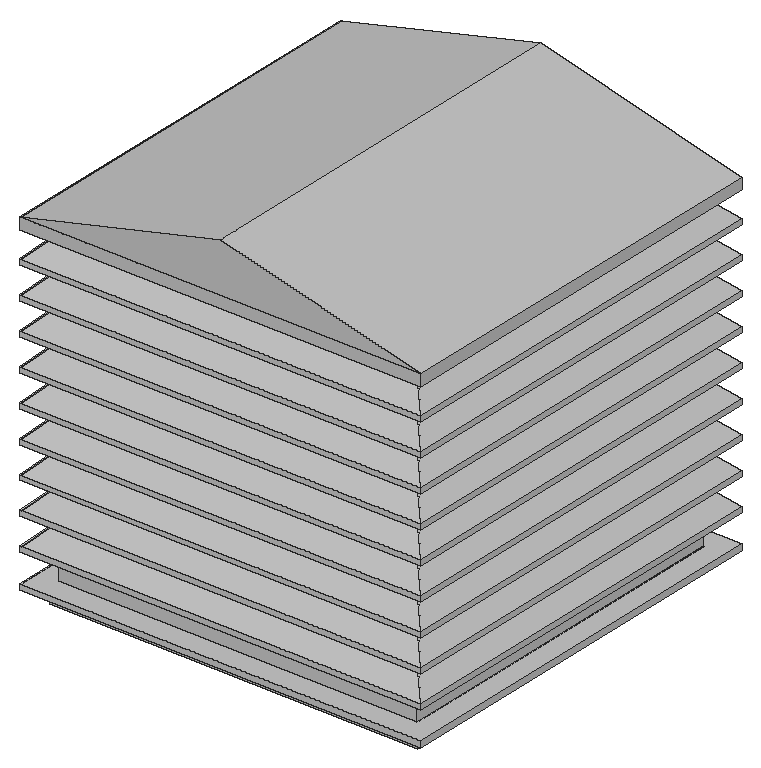
Revit family "Louver-Penthouse-Carnes-Mitered_Corner-PMAB", category Air Terminals, Revit 2012
Parameters (values of type "(See Type Catalog)")
  ecoScorecard_data = ""
  ecoScorecard Product Page = "http://ecoscorecard.com/"
  URL = "http://www.carnes.com/index.html"
  Subcategory = "Louvers and Dampers"
  Specifications  URL = "http://www.carnes.com/Louvers/pdf/17135.pdf"
  Roof Pitch = if([1 In 12 Pitched Roof], 4.76°, 14.04°)  # 14.04°
  Rectangular Length = no
  Product Page URL = "http://www.carnes.com/Louvers/PMAB-PLAB.htm"
  Product Line = "Extruded Aluminum Penthouses"
  Pressure Drop = 0.00 Pa
  Pitched Roof Visibility = or([1 In 12 Pitched Roof], [3 in 12 Pitched Roof])  # yes
  Outside Width [instance] = Louver Width + (1 1/2" * 2) + (3 1/4" * 2)  # 57 1/2"
  Outside Length [instance] = Length Control + (1 1/2" * 2) + (3 1/4" * 2)  # 57 1/2"
  Model = "PMBA"
  Manufacturer Phone = "608-845-6411"
  Manufacturer Fax = "608-845-6470"
  Manufacturer Email = "mailto:carnes@carnes.com"
  Manufacturer Address = "448 S. Main St., P. O. Box 930040, Verona, WI 53593-0040"
  Manufacturer = "Carnes Company"
  Louver Width = 48"
  Louver Length = if(Rectangular Length, Custom Length, Louver Width)  # 48"
  Louver Height = 48"
  Free Area = 0.00 SF
  Frame Material = Aluminum - Carnes - Extruded
  Flat Roof = no
  Description = "Extruded Aluminum Penthouses"
  Length Control = if(Rectangular Length, Custom Length, Louver Length)  # 48"
  Custom Length = 220"
  Cost Info = "mailto:carnes@carnes.com"
  Connector Description 1 = "Duct Connection 1"
  Catalog URL = "http://www.carnes.com/Louvers/pdf/f61-64.pdf"
  Blades Width = Louver Width + (1 1/2" * 2)  # 51"
  Blades Quantity Control = if(Louver Height - 1 1/2" - (Blades Quantity * 4 5/8") < 7/8", Blades Quantity - 1, Blades Quantity)  # 9
  Blades Quantity = (Louver Height - 1 1/2") / 4 5/8"  # 10
  Blades Length = Length Control + (1 1/2" * 2)  # 51"
  Blade Material = Aluminum - Carnes - Extruded
  Assembly Code = "D3090700"
  95 CSI = "10200"
  3 in 12 Pitched Roof = yes
  1 In 12 Pitched Roof = no
  04 CSI = "08 91 00"
Reference planes (in)
  plane 1 "Center (Front/Back)": y = 0
  plane 2: z = 0
  plane 3 "Center (Left/Right)": x = 0
  plane 4 "Right": x = 24
  plane 5: y = 24
  plane 6: z = 46.5
  plane 7 "Left": x = -24
  plane 8: y = -24
  plane 9: x = -25.5
  plane 10: x = 25.5
  plane 11: x = -28.75
  plane 12: x = 28.75
  plane 13: y = 25.5
  plane 14: y = -25.5
  plane 15: y = 28.75
  plane 16: y = -28.75
  plane 17: z = 48
Forms (in)
  Sweep 1, solid, material "Aluminum - Carnes - Extruded" <- "Frame Material"
    path origin (0, 0, 0) x (1, 0, 0) y (0, 1, 0)
      loop
        line (-24, 24) -> (-24, -24) -> (24, -24) -> (24, 24) -> (-24, 24)
    profile origin (24, 0, 0) x (1, 0, 0) y (0, 0, 1)
      loop
        line (0, 46.5) -> (0, 0) -> (2.25, 0) -> (2.25, -2) -> (2.375, -2) -> (2.375, 0.125) -> (1.75, 0.125) -> (1.75, 0.75) -> (4.625, 0.75) -> (4.625, 0) -> (4.75, 0) -> (4.75, 0.875) -> (1.625, 0.875) -> (1.625, 46.375) -> (4.75, 46.375) -> (4.75, 48) -> (4.625, 48) -> (4.625, 46.5) -> (0, 46.5)
  Sweep 2, solid, material "Aluminum - Carnes - Extruded" <- "Frame Material", visible <- "Pitched Roof Visibility"
    path origin (0, 0, 0) x (1, 0, 0) y (0, 1, 0)
      loop
        line (0, -28.75) -> (0, 28.75)
    profile origin (0, 0, 0) x (-1, 0, 0) y (0, 0, 1)
      loop
        line (28.75, 48) -> (0, 55.1895) -> (-28.75, 48) -> (28.75, 48)
  Sweep 3, solid, material "Aluminum - Carnes - Extruded" <- "Frame Material", visible <- "Flat Roof"
    path origin (0, 0, 0) x (1, 0, 0) y (0, 0, 1)
      loop
        line (0, 46.5) -> (0, 48)
    profile origin (0, 0, 47.25) x (-1, 0, 0) y (0, -1, 0)
      loop
        line (28.625, -28.625) -> (28.625, 28.625) -> (-28.625, 28.625) -> (-28.625, -28.625) -> (28.625, -28.625)
Lines and regions (in)
  Masking region 1
    outline origin (0, 0, 0) x (1, 0, 0) y (0, 1, 0)
      loop
        line (-28.75, 28.75) -> (-28.75, -28.75) -> (28.75, -28.75) -> (28.75, 28.75) -> (-28.75, 28.75)
  reference lines
    curve 1: line (-28.75, 0, 48) -> (-7.33248, 0, 53.35587)
    curve 2: line (28.75, 0, 48) -> (7.33248, 0, 53.35587)
  symbolic lines, style "DuctAccessory", visible <- "Pitched Roof Visibility"
    curve 3: line (0, 28.75, 0) -> (0, -28.75, 0)
Dimensions and locks (in)
  equal spacing: plane 7 "Left", plane 3 "Center (Left/Right)", plane 4 "Right"
  "Louver Width": plane 7 "Left" to plane 4 "Right"
  equal spacing: plane 5, plane 1 "Center (Front/Back)", plane 8
  "Length Control": plane 5 to plane 8
  locked: plane 9 to plane 7 "Left" at 1.5
  locked: plane 4 "Right" to plane 10 at 1.5
  plane 13 to plane 5 = 1 1/2"
  plane 14 to plane 8 = 1 1/2"
  locked: plane 10 to Sweep 1 sketch curve at 0.125
  locked: plane 6 to Sweep 1 sketch curve at 0.125
  locked: Sweep 1 sketch curve to plane 12 at 0.125
  locked: plane 17 to plane 6 at 1.5
  "Louver Height": plane 17 to plane 2
  plane 4 "Right" to Sweep 1 sketch curve to Sweep 1 sketch curve = 2 1/4" locked, 1/8" locked
  Sweep 1 sketch curve to Sweep 1 sketch curve to plane 2 = 1/8" locked, 3/4" locked
  locked: plane 12 to Sweep 1 sketch curve at 0.125
  equal spacing: group 1, group 2, group 3, group 4, group 5, group 6, group 7, group 8, group 9  (x2)
  equal spacing: group 9, group 8, group 7, group 6, group 5, group 4, group 3, group 2, group 1
  locked: nested 1 to nested 2 at 4.625
  locked: Sweep 3 sketch curve to plane 16 at 0.125
  locked: Sweep 3 sketch curve to plane 12 at 0.125
  locked: plane 11 to Sweep 3 sketch curve at 0.125
  locked: plane 15 to Sweep 3 sketch curve at 0.125
  equal spacing: plane 11, plane 3 "Center (Left/Right)", plane 12
  "Outside Width": plane 11 to plane 12
  equal spacing: plane 15, plane 1 "Center (Front/Back)", plane 16
  "Outside Length": plane 15 to plane 16
  "Roof Pitch": angle plane 17 to curve 1
  "Roof Pitch": angle curve 2 to plane 17
  aligned and locked: Sweep 1 sketch curve to plane 7 "Left"
  aligned and locked: Sweep 1 sketch curve to plane 4 "Right"  (x2)
  aligned and locked: Sweep 1 sketch curve to plane 5
  aligned and locked: Sweep 1 sketch curve to plane 8
  aligned and locked: plane 2 to Sweep 1 sketch curve
  aligned and locked: Sweep 1 sketch curve to plane 6
  aligned and locked: plane 12 to Sweep 1 sketch curve  (x2)
  aligned and locked: Sweep 1 sketch curve to plane 2
  aligned and locked: Sweep 1 sketch curve to plane 17
  aligned and locked: plane 1 "Center (Front/Back)" to nested 1
  aligned and locked: nested 1 to plane 3 "Center (Left/Right)"
  aligned and locked: plane 6 to nested 1
  aligned and locked: plane 15 to Sweep 2 sketch curve
  aligned and locked: plane 16 to Sweep 2 sketch curve
  aligned and locked: Sweep 2 sketch curve to plane 3 "Center (Left/Right)"
  aligned and locked: Sweep 2 sketch curve to plane 17
  aligned and locked: plane 12 to Sweep 2 sketch curve
  aligned and locked: plane 6 to Sweep 3 sketch curve
  aligned and locked: plane 17 to Sweep 3 sketch curve
  aligned and locked: plane 3 "Center (Left/Right)" to Sweep 3 sketch curve
  aligned and locked: plane 11 to curve 1
  aligned and locked: plane 17 to curve 1
  aligned and locked: plane 12 to curve 2
  aligned and locked: curve 2 to plane 17
  aligned and locked: Sweep 2 sketch curve to curve 2
  aligned and locked: Sweep 2 sketch curve to curve 1
  aligned and locked: plane 11 to Masking region 1 sketch curve
  aligned and locked: Masking region 1 sketch curve to plane 12
  aligned and locked: plane 15 to curve 3
  aligned and locked: plane 16 to curve 3
  aligned and locked: curve 3 to plane 3 "Center (Left/Right)"
Automatic sketch dimensions
  Sweep 1 sketch curve to Sweep 1 sketch curve = 1/8"
  Sweep 1 sketch curve to level = 2"
  level to Sweep 1 sketch curve = 1/8"
  Masking region 1 sketch curve to plane 16 = 0"
  plane 15 to Masking region 1 sketch curve = 0"
Nested families (in)
  nested 1: "Louver_Penthouse_Blade-Carnes" at (0, -0.375, 44.1875), type "Standard"
    with Width 51", Length 51"
  nested 2: "Louver_Penthouse_Blade-Carnes" at (0, -0.375, 39.5625), type "Standard"
    with Width 51", Length 51"
  nested 3: "Louver_Penthouse_Blade-Carnes" at (0, -0.375, 34.9375), type "Standard"
    with Width 51", Length 51"
  nested 4: "Louver_Penthouse_Blade-Carnes" at (0, -0.375, 30.3125), type "Standard"
    with Width 51", Length 51"
  nested 5: "Louver_Penthouse_Blade-Carnes" at (0, -0.375, 25.6875), type "Standard"
    with Width 51", Length 51"
  nested 6: "Louver_Penthouse_Blade-Carnes" at (0, -0.375, 21.0625), type "Standard"
    with Width 51", Length 51"
  nested 7: "Louver_Penthouse_Blade-Carnes" at (0, -0.375, 16.4375), type "Standard"
    with Width 51", Length 51"
  nested 8: "Louver_Penthouse_Blade-Carnes" at (0, -0.375, 11.8125), type "Standard"
    with Width 51", Length 51"
  nested 9: "Louver_Penthouse_Blade-Carnes" at (0, -0.375, 7.1875), type "Standard"
    with Width 51", Length 51"
Connectors (in)
  hvac at (0, 0, 0), driven by "Length Control", driven by "Louver Width"
    settings: on Sweep 1, index 1, duct flow 0 CFM, flow factor 0, pres drop 0.00 Pa, loss coef 0, conn angle 0.00°, conn width 48", conn height 48", conn radius 12", duct sys type 1, conn prof type 1, flow config 0, flow direction 0, loss method 0, conn ref index -1, conn util no, is conn primary yes, conn desc ""
Definition of nested family "Louver_Penthouse_Blade-Carnes"
  Parameters (values of type "Standard")
    Width = 23 3/4"
    Blade Material = none
    Length = 12"
    Assembly Code = ""
  Reference planes (in)
    plane 1 "Center (Front/Back)": y = 0.375
    plane 2: z = 0
    plane 3 "Center (Left/Right)": x = 0
    plane 4: y = 6.375
    plane 5: y = -5.625
    plane 6: z = 2.3125
    plane 7: z = -2.3125
    plane 8: x = -11.875
    plane 9: x = 11.875
  Forms (in)
    Sweep 1, solid, material <- "Blade Material"
      path origin (0, 0, 0) x (1, 0, 0) y (0, 1, 0)
        loop
          line (-11.875, 6.375) -> (-11.875, -5.625) -> (11.875, -5.625) -> (11.875, 6.375) -> (-11.875, 6.375)
      profile origin (0, 6.375, 0) x (0, 1, 0) y (0, 0, 1)
        loop
          line (0, 2.3125) -> (0, 1.53125) -> (3.125, -1.59375) -> (3.125, -2.3125) -> (3.25, -2.3125) -> (3.25, -1.54197) -> (0.125, 1.58303) -> (0.125, 2.3125) -> (0, 2.3125)
  Dimensions and locks (in)
    equal spacing: plane 7, plane 2, plane 6
    equal spacing: plane 8, plane 3 "Center (Left/Right)", plane 9
    "Width": plane 8 to plane 9
    equal spacing: plane 4, plane 1 "Center (Front/Back)", plane 5
    "Length": plane 4 to plane 5
    locked: plane 6 to plane 7 at 4.625
    Sweep 1 sketch curve to Sweep 1 sketch curve to plane 4 = 1/8" locked, 3 1/8" locked
    locked: Sweep 1 sketch curve to plane 4 at 0.125
    locked: Sweep 1 sketch curve to Sweep 1 sketch curve at 0.125
    aligned and locked: plane 8 to Sweep 1 sketch curve
    aligned and locked: plane 4 to Sweep 1 sketch curve
    aligned and locked: plane 9 to Sweep 1 sketch curve
    aligned and locked: plane 5 to Sweep 1 sketch curve
    aligned and locked: Sweep 1 sketch curve to plane 4
    aligned and locked: Sweep 1 sketch curve to plane 6
    aligned and locked: plane 7 to Sweep 1 sketch curve
  Automatic sketch dimensions
    Sweep 1 sketch curve to Sweep 1 sketch curve = 0.05178"
    Sweep 1 sketch curve to Sweep 1 sketch curve = 23/32"
Types in the file's own list only (361): name | Louver Width | Louver Length | Louver Height | Free Area | Length Control | Blades Width | Blades Quantity Control | Blades Quantity | Blades Length
  12 W x 12 H | 12" | 12" | 12" | 0.19 SF | 12" | 15" | 2 | 2 | 15"
  12 W x 18 H | 12" | 12" | 18" | 0.50 SF | 12" | 15" | 3 | 4 | 15"
  12 W x 24 H | 12" | 12" | 24" | 0.77 SF | 12" | 15" | 4 | 5 | 15"
  12 W x 30 H | 12" | 12" | 30" | 0.96 SF | 12" | 15" | 5 | 6 | 15"
  12 W x 36 H | 12" | 12" | 36" | 1.15 SF | 12" | 15" | 7 | 7 | 15"
  12 W x 42 H | 12" | 12" | 42" | 1.43 SF | 12" | 15" | 8 | 9 | 15"
  12 W x 48 H | 12" | 12" | 48" | 1.61 SF | 12" | 15" | 9 | 10 | 15"
  12 W x 54 H | 12" | 12" | 54" | 1.92 SF | 12" | 15" | 11 | 11 | 15"
  12 W x 60 H | 12" | 12" | 60" | 2.11 SF | 12" | 15" | 12 | 13 | 15"
  12 W x 66 H | 12" | 12" | 66" | 2.35 SF | 12" | 15" | 13 | 14 | 15"
  12 W x 72 H | 12" | 12" | 72" | 2.81 SF | 12" | 15" | 15 | 15 | 15"
  12 W x 78 H | 12" | 12" | 78" | 2.88 SF | 12" | 15" | 16 | 17 | 15"
  12 W x 84 H | 12" | 12" | 84" | 3.07 SF | 12" | 15" | 17 | 18 | 15"
  12 W x 90 H | 12" | 12" | 90" | 3.28 SF | 12" | 15" | 18 | 19 | 15"
  12 W x 96 H | 12" | 12" | 96" | 3.55 SF | 12" | 15" | 20 | 20 | 15"
  12 W x 102 H | 12" | 12" | 102" | 3.82 SF | 12" | 15" | 21 | 22 | 15"
  12 W x 108 H | 12" | 12" | 108" | 3.96 SF | 12" | 15" | 22 | 23 | 15"
  12 W x 114 H | 12" | 12" | 114" | 4.24 SF | 12" | 15" | 24 | 24 | 15"
  12 W x 120 H | 12" | 12" | 120" | 4.28 SF | 12" | 15" | 25 | 26 | 15"
  18 W x 12 H | 18" | 18" | 12" | 0.31 SF | 18" | 21" | 2 | 2 | 21"
  18 W x 18 H | 18" | 18" | 18" | 0.80 SF | 18" | 21" | 3 | 4 | 21"
  18 W x 24 H | 18" | 18" | 24" | 1.23 SF | 18" | 21" | 4 | 5 | 21"
  18 W x 30 H | 18" | 18" | 30" | 1.54 SF | 18" | 21" | 5 | 6 | 21"
  18 W x 36 H | 18" | 18" | 36" | 1.85 SF | 18" | 21" | 7 | 7 | 21"
  18 W x 42 H | 18" | 18" | 42" | 2.29 SF | 18" | 21" | 8 | 9 | 21"
  18 W x 48 H | 18" | 18" | 48" | 2.59 SF | 18" | 21" | 9 | 10 | 21"
  18 W x 54 H | 18" | 18" | 54" | 3.09 SF | 18" | 21" | 11 | 11 | 21"
  18 W x 60 H | 18" | 18" | 60" | 3.40 SF | 18" | 21" | 12 | 13 | 21"
  18 W x 66 H | 18" | 18" | 66" | 3.78 SF | 18" | 21" | 13 | 14 | 21"
  18 W x 72 H | 18" | 18" | 72" | 4.52 SF | 18" | 21" | 15 | 15 | 21"
  18 W x 78 H | 18" | 18" | 78" | 4.63 SF | 18" | 21" | 16 | 17 | 21"
  18 W x 84 H | 18" | 18" | 84" | 4.94 SF | 18" | 21" | 17 | 18 | 21"
  18 W x 90 H | 18" | 18" | 90" | 5.27 SF | 18" | 21" | 18 | 19 | 21"
  18 W x 96 H | 18" | 18" | 96" | 5.70 SF | 18" | 21" | 20 | 20 | 21"
  18 W x 102 H | 18" | 18" | 102" | 6.13 SF | 18" | 21" | 21 | 22 | 21"
  18 W x 108 H | 18" | 18" | 108" | 6.37 SF | 18" | 21" | 22 | 23 | 21"
  18 W x 114 H | 18" | 18" | 114" | 6.81 SF | 18" | 21" | 24 | 24 | 21"
  18 W x 120 H | 18" | 18" | 120" | 6.89 SF | 18" | 21" | 25 | 26 | 21"
  24 W x 12 H | 24" | 24" | 12" | 0.43 SF | 24" | 27" | 2 | 2 | 27"
  24 W x 18 H | 24" | 24" | 18" | 1.10 SF | 24" | 27" | 3 | 4 | 27"
  24 W x 24 H | 24" | 24" | 24" | 1.70 SF | 24" | 27" | 4 | 5 | 27"
  24 W x 30 H | 24" | 24" | 30" | 2.13 SF | 24" | 27" | 5 | 6 | 27"
  24 W x 36 H | 24" | 24" | 36" | 2.55 SF | 24" | 27" | 7 | 7 | 27"
  24 W x 42 H | 24" | 24" | 42" | 3.16 SF | 24" | 27" | 8 | 9 | 27"
  24 W x 48 H | 24" | 24" | 48" | 3.57 SF | 24" | 27" | 9 | 10 | 27"
  24 W x 54 H | 24" | 24" | 54" | 4.26 SF | 24" | 27" | 11 | 11 | 27"
  24 W x 60 H | 24" | 24" | 60" | 4.68 SF | 24" | 27" | 12 | 13 | 27"
  24 W x 66 H | 24" | 24" | 66" | 5.21 SF | 24" | 27" | 13 | 14 | 27"
  24 W x 72 H | 24" | 24" | 72" | 6.23 SF | 24" | 27" | 15 | 15 | 27"
  24 W x 78 H | 24" | 24" | 78" | 6.39 SF | 24" | 27" | 16 | 17 | 27"
  24 W x 84 H | 24" | 24" | 84" | 6.81 SF | 24" | 27" | 17 | 18 | 27"
  24 W x 90 H | 24" | 24" | 90" | 7.27 SF | 24" | 27" | 18 | 19 | 27"
  24 W x 96 H | 24" | 24" | 96" | 7.86 SF | 24" | 27" | 20 | 20 | 27"
  24 W x 102 H | 24" | 24" | 102" | 8.45 SF | 24" | 27" | 21 | 22 | 27"
  24 W x 108 H | 24" | 24" | 108" | 8.78 SF | 24" | 27" | 22 | 23 | 27"
  24 W x 114 H | 24" | 24" | 114" | 9.38 SF | 24" | 27" | 24 | 24 | 27"
  24 W x 120 H | 24" | 24" | 120" | 9.49 SF | 24" | 27" | 25 | 26 | 27"
  30 W x 12 H | 30" | 30" | 12" | 0.54 SF | 30" | 33" | 2 | 2 | 33"
  30 W x 18 H | 30" | 30" | 18" | 1.41 SF | 30" | 33" | 3 | 4 | 33"
  30 W x 24 H | 30" | 30" | 24" | 2.16 SF | 30" | 33" | 4 | 5 | 33"
  30 W x 30 H | 30" | 30" | 30" | 2.71 SF | 30" | 33" | 5 | 6 | 33"
  30 W x 36 H | 30" | 30" | 36" | 3.25 SF | 30" | 33" | 7 | 7 | 33"
  30 W x 42 H | 30" | 30" | 42" | 4.02 SF | 30" | 33" | 8 | 9 | 33"
  30 W x 48 H | 30" | 30" | 48" | 4.55 SF | 30" | 33" | 9 | 10 | 33"
  30 W x 54 H | 30" | 30" | 54" | 5.42 SF | 30" | 33" | 11 | 11 | 33"
  30 W x 60 H | 30" | 30" | 60" | 5.97 SF | 30" | 33" | 12 | 13 | 33"
  30 W x 66 H | 30" | 30" | 66" | 6.64 SF | 30" | 33" | 13 | 14 | 33"
  30 W x 72 H | 30" | 30" | 72" | 7.94 SF | 30" | 33" | 15 | 15 | 33"
  30 W x 78 H | 30" | 30" | 78" | 8.14 SF | 30" | 33" | 16 | 17 | 33"
  30 W x 84 H | 30" | 30" | 84" | 8.68 SF | 30" | 33" | 17 | 18 | 33"
  30 W x 90 H | 30" | 30" | 90" | 9.26 SF | 30" | 33" | 18 | 19 | 33"
  30 W x 96 H | 30" | 30" | 96" | 10.02 SF | 30" | 33" | 20 | 20 | 33"
  30 W x 102 H | 30" | 30" | 102" | 10.77 SF | 30" | 33" | 21 | 22 | 33"
  30 W x 108 H | 30" | 30" | 108" | 11.19 SF | 30" | 33" | 22 | 23 | 33"
  30 W x 114 H | 30" | 30" | 114" | 11.96 SF | 30" | 33" | 24 | 24 | 33"
  30 W x 120 H | 30" | 30" | 120" | 12.09 SF | 30" | 33" | 25 | 26 | 33"
  36 W x 12 H | 36" | 36" | 12" | 0.66 SF | 36" | 39" | 2 | 2 | 39"
  36 W x 18 H | 36" | 36" | 18" | 1.71 SF | 36" | 39" | 3 | 4 | 39"
  36 W x 24 H | 36" | 36" | 24" | 2.63 SF | 36" | 39" | 4 | 5 | 39"
  36 W x 30 H | 36" | 36" | 30" | 3.30 SF | 36" | 39" | 5 | 6 | 39"
  36 W x 36 H | 36" | 36" | 36" | 3.96 SF | 36" | 39" | 7 | 7 | 39"
  36 W x 42 H | 36" | 36" | 42" | 4.89 SF | 36" | 39" | 8 | 9 | 39"
  36 W x 48 H | 36" | 36" | 48" | 5.53 SF | 36" | 39" | 9 | 10 | 39"
  36 W x 54 H | 36" | 36" | 54" | 6.59 SF | 36" | 39" | 11 | 11 | 39"
  36 W x 60 H | 36" | 36" | 60" | 7.25 SF | 36" | 39" | 12 | 13 | 39"
  36 W x 66 H | 36" | 36" | 66" | 8.07 SF | 36" | 39" | 13 | 14 | 39"
  36 W x 72 H | 36" | 36" | 72" | 9.65 SF | 36" | 39" | 15 | 15 | 39"
  36 W x 78 H | 36" | 36" | 78" | 9.89 SF | 36" | 39" | 16 | 17 | 39"
  36 W x 84 H | 36" | 36" | 84" | 10.55 SF | 36" | 39" | 17 | 18 | 39"
  36 W x 90 H | 36" | 36" | 90" | 11.25 SF | 36" | 39" | 18 | 19 | 39"
  36 W x 96 H | 36" | 36" | 96" | 12.17 SF | 36" | 39" | 20 | 20 | 39"
  36 W x 102 H | 36" | 36" | 102" | 13.09 SF | 36" | 39" | 21 | 22 | 39"
  36 W x 108 H | 36" | 36" | 108" | 13.60 SF | 36" | 39" | 22 | 23 | 39"
  36 W x 114 H | 36" | 36" | 114" | 14.53 SF | 36" | 39" | 24 | 24 | 39"
  36 W x 120 H | 36" | 36" | 120" | 14.69 SF | 36" | 39" | 25 | 26 | 39"
  42 W x 12 H | 42" | 42" | 12" | 0.78 SF | 42" | 45" | 2 | 2 | 45"
  42 W x 18 H | 42" | 42" | 18" | 2.01 SF | 42" | 45" | 3 | 4 | 45"
  42 W x 24 H | 42" | 42" | 24" | 3.09 SF | 42" | 45" | 4 | 5 | 45"
  42 W x 30 H | 42" | 42" | 30" | 3.88 SF | 42" | 45" | 5 | 6 | 45"
  42 W x 36 H | 42" | 42" | 36" | 4.66 SF | 42" | 45" | 7 | 7 | 45"
  42 W x 42 H | 42" | 42" | 42" | 5.76 SF | 42" | 45" | 8 | 9 | 45"
  42 W x 48 H | 42" | 42" | 48" | 6.51 SF | 42" | 45" | 9 | 10 | 45"
  42 W x 54 H | 42" | 42" | 54" | 7.76 SF | 42" | 45" | 11 | 11 | 45"
  42 W x 60 H | 42" | 42" | 60" | 8.54 SF | 42" | 45" | 12 | 13 | 45"
  42 W x 66 H | 42" | 42" | 66" | 9.50 SF | 42" | 45" | 13 | 14 | 45"
  42 W x 72 H | 42" | 42" | 72" | 11.36 SF | 42" | 45" | 15 | 15 | 45"
  42 W x 78 H | 42" | 42" | 78" | 11.64 SF | 42" | 45" | 16 | 17 | 45"
  42 W x 84 H | 42" | 42" | 84" | 12.42 SF | 42" | 45" | 17 | 18 | 45"
  42 W x 90 H | 42" | 42" | 90" | 13.25 SF | 42" | 45" | 18 | 19 | 45"
  42 W x 96 H | 42" | 42" | 96" | 14.33 SF | 42" | 45" | 20 | 20 | 45"
  42 W x 102 H | 42" | 42" | 102" | 15.41 SF | 42" | 45" | 21 | 22 | 45"
  42 W x 108 H | 42" | 42" | 108" | 16.01 SF | 42" | 45" | 22 | 23 | 45"
  42 W x 114 H | 42" | 42" | 114" | 17.10 SF | 42" | 45" | 24 | 24 | 45"
  42 W x 120 H | 42" | 42" | 120" | 17.30 SF | 42" | 45" | 25 | 26 | 45"
  48 W x 12 H | 48" | 48" | 12" | 0.89 SF | 48" | 51" | 2 | 2 | 51"
  48 W x 18 H | 48" | 48" | 18" | 2.31 SF | 48" | 51" | 3 | 4 | 51"
  48 W x 24 H | 48" | 48" | 24" | 3.56 SF | 48" | 51" | 4 | 5 | 51"
  48 W x 30 H | 48" | 48" | 30" | 4.46 SF | 48" | 51" | 5 | 6 | 51"
  48 W x 36 H | 48" | 48" | 36" | 5.36 SF | 48" | 51" | 7 | 7 | 51"
  48 W x 42 H | 48" | 48" | 42" | 6.62 SF | 48" | 51" | 8 | 9 | 51"
  48 W x 48 H | 48" | 48" | 48" | 7.49 SF | 48" | 51" | 9 | 10 | 51"
  48 W x 54 H | 48" | 48" | 54" | 8.93 SF | 48" | 51" | 11 | 11 | 51"
  48 W x 60 H | 48" | 48" | 60" | 9.82 SF | 48" | 51" | 12 | 13 | 51"
  48 W x 66 H | 48" | 48" | 66" | 10.93 SF | 48" | 51" | 13 | 14 | 51"
  48 W x 72 H | 48" | 48" | 72" | 13.07 SF | 48" | 51" | 15 | 15 | 51"
  48 W x 78 H | 48" | 48" | 78" | 13.39 SF | 48" | 51" | 16 | 17 | 51"
  48 W x 84 H | 48" | 48" | 84" | 14.28 SF | 48" | 51" | 17 | 18 | 51"
  48 W x 90 H | 48" | 48" | 90" | 15.24 SF | 48" | 51" | 18 | 19 | 51"
  48 W x 96 H | 48" | 48" | 96" | 16.48 SF | 48" | 51" | 20 | 20 | 51"
  48 W x 102 H | 48" | 48" | 102" | 17.73 SF | 48" | 51" | 21 | 22 | 51"
  48 W x 108 H | 48" | 48" | 108" | 18.42 SF | 48" | 51" | 22 | 23 | 51"
  48 W x 114 H | 48" | 48" | 114" | 19.68 SF | 48" | 51" | 24 | 24 | 51"
  48 W x 120 H | 48" | 48" | 120" | 19.90 SF | 48" | 51" | 25 | 26 | 51"
  54 W x 12 H | 54" | 54" | 12" | 1.01 SF | 54" | 57" | 2 | 2 | 57"
  54 W x 18 H | 54" | 54" | 18" | 2.62 SF | 54" | 57" | 3 | 4 | 57"
  54 W x 24 H | 54" | 54" | 24" | 4.02 SF | 54" | 57" | 4 | 5 | 57"
  54 W x 30 H | 54" | 54" | 30" | 5.05 SF | 54" | 57" | 5 | 6 | 57"
  54 W x 36 H | 54" | 54" | 36" | 6.06 SF | 54" | 57" | 7 | 7 | 57"
  54 W x 42 H | 54" | 54" | 42" | 7.49 SF | 54" | 57" | 8 | 9 | 57"
  54 W x 48 H | 54" | 54" | 48" | 8.47 SF | 54" | 57" | 9 | 10 | 57"
  54 W x 54 H | 54" | 54" | 54" | 10.10 SF | 54" | 57" | 11 | 11 | 57"
  54 W x 60 H | 54" | 54" | 60" | 11.11 SF | 54" | 57" | 12 | 13 | 57"
  54 W x 66 H | 54" | 54" | 66" | 12.36 SF | 54" | 57" | 13 | 14 | 57"
  54 W x 72 H | 54" | 54" | 72" | 14.78 SF | 54" | 57" | 15 | 15 | 57"
  54 W x 78 H | 54" | 54" | 78" | 15.14 SF | 54" | 57" | 16 | 17 | 57"
  54 W x 84 H | 54" | 54" | 84" | 16.15 SF | 54" | 57" | 17 | 18 | 57"
  54 W x 90 H | 54" | 54" | 90" | 17.23 SF | 54" | 57" | 18 | 19 | 57"
  54 W x 96 H | 54" | 54" | 96" | 18.64 SF | 54" | 57" | 20 | 20 | 57"
  54 W x 102 H | 54" | 54" | 102" | 20.05 SF | 54" | 57" | 21 | 22 | 57"
  54 W x 108 H | 54" | 54" | 108" | 20.82 SF | 54" | 57" | 22 | 23 | 57"
  54 W x 114 H | 54" | 54" | 114" | 22.25 SF | 54" | 57" | 24 | 24 | 57"
  54 W x 120 H | 54" | 54" | 120" | 22.50 SF | 54" | 57" | 25 | 26 | 57"
  60 W x 12 H | 60" | 60" | 12" | 1.13 SF | 60" | 63" | 2 | 2 | 63"
  60 W x 18 H | 60" | 60" | 18" | 2.92 SF | 60" | 63" | 3 | 4 | 63"
  60 W x 24 H | 60" | 60" | 24" | 4.49 SF | 60" | 63" | 4 | 5 | 63"
  60 W x 30 H | 60" | 60" | 30" | 5.63 SF | 60" | 63" | 5 | 6 | 63"
  60 W x 36 H | 60" | 60" | 36" | 6.76 SF | 60" | 63" | 7 | 7 | 63"
  60 W x 42 H | 60" | 60" | 42" | 8.36 SF | 60" | 63" | 8 | 9 | 63"
  60 W x 48 H | 60" | 60" | 48" | 9.45 SF | 60" | 63" | 9 | 10 | 63"
  60 W x 54 H | 60" | 60" | 54" | 11.26 SF | 60" | 63" | 11 | 11 | 63"
  60 W x 60 H | 60" | 60" | 60" | 12.39 SF | 60" | 63" | 12 | 13 | 63"
  60 W x 66 H | 60" | 60" | 66" | 13.79 SF | 60" | 63" | 13 | 14 | 63"
  60 W x 72 H | 60" | 60" | 72" | 16.49 SF | 60" | 63" | 15 | 15 | 63"
  60 W x 78 H | 60" | 60" | 78" | 16.90 SF | 60" | 63" | 16 | 17 | 63"
  60 W x 84 H | 60" | 60" | 84" | 18.02 SF | 60" | 63" | 17 | 18 | 63"
  60 W x 90 H | 60" | 60" | 90" | 19.23 SF | 60" | 63" | 18 | 19 | 63"
  60 W x 96 H | 60" | 60" | 96" | 20.80 SF | 60" | 63" | 20 | 20 | 63"
  60 W x 102 H | 60" | 60" | 102" | 22.36 SF | 60" | 63" | 21 | 22 | 63"
  60 W x 108 H | 60" | 60" | 108" | 23.23 SF | 60" | 63" | 22 | 23 | 63"
  60 W x 114 H | 60" | 60" | 114" | 24.82 SF | 60" | 63" | 24 | 24 | 63"
  60 W x 120 H | 60" | 60" | 120" | 25.10 SF | 60" | 63" | 25 | 26 | 63"
  66 W x 12 H | 66" | 66" | 12" | 1.24 SF | 66" | 69" | 2 | 2 | 69"
  66 W x 18 H | 66" | 66" | 18" | 3.22 SF | 66" | 69" | 3 | 4 | 69"
  66 W x 24 H | 66" | 66" | 24" | 4.96 SF | 66" | 69" | 4 | 5 | 69"
  66 W x 30 H | 66" | 66" | 30" | 6.22 SF | 66" | 69" | 5 | 6 | 69"
  66 W x 36 H | 66" | 66" | 36" | 7.46 SF | 66" | 69" | 7 | 7 | 69"
  66 W x 42 H | 66" | 66" | 42" | 9.22 SF | 66" | 69" | 8 | 9 | 69"
  66 W x 48 H | 66" | 66" | 48" | 10.43 SF | 66" | 69" | 9 | 10 | 69"
  66 W x 54 H | 66" | 66" | 54" | 12.43 SF | 66" | 69" | 11 | 11 | 69"
  66 W x 60 H | 66" | 66" | 60" | 13.67 SF | 66" | 69" | 12 | 13 | 69"
  66 W x 66 H | 66" | 66" | 66" | 15.22 SF | 66" | 69" | 13 | 14 | 69"
  66 W x 72 H | 66" | 66" | 72" | 18.20 SF | 66" | 69" | 15 | 15 | 69"
  66 W x 78 H | 66" | 66" | 78" | 18.65 SF | 66" | 69" | 16 | 17 | 69"
  66 W x 84 H | 66" | 66" | 84" | 19.89 SF | 66" | 69" | 17 | 18 | 69"
  66 W x 90 H | 66" | 66" | 90" | 21.22 SF | 66" | 69" | 18 | 19 | 69"
  66 W x 96 H | 66" | 66" | 96" | 22.95 SF | 66" | 69" | 20 | 20 | 69"
  66 W x 102 H | 66" | 66" | 102" | 24.68 SF | 66" | 69" | 21 | 22 | 69"
  66 W x 108 H | 66" | 66" | 108" | 25.64 SF | 66" | 69" | 22 | 23 | 69"
  66 W x 114 H | 66" | 66" | 114" | 27.40 SF | 66" | 69" | 24 | 24 | 69"
  66 W x 120 H | 66" | 66" | 120" | 27.71 SF | 66" | 69" | 25 | 26 | 69"
  72 W x 12 H | 72" | 72" | 12" | 1.36 SF | 72" | 75" | 2 | 2 | 75"
  72 W x 18 H | 72" | 72" | 18" | 3.53 SF | 72" | 75" | 3 | 4 | 75"
  72 W x 24 H | 72" | 72" | 24" | 5.42 SF | 72" | 75" | 4 | 5 | 75"
  72 W x 30 H | 72" | 72" | 30" | 6.80 SF | 72" | 75" | 5 | 6 | 75"
  72 W x 36 H | 72" | 72" | 36" | 8.16 SF | 72" | 75" | 7 | 7 | 75"
  72 W x 42 H | 72" | 72" | 42" | 10.09 SF | 72" | 75" | 8 | 9 | 75"
  72 W x 48 H | 72" | 72" | 48" | 11.41 SF | 72" | 75" | 9 | 10 | 75"
  72 W x 54 H | 72" | 72" | 54" | 13.60 SF | 72" | 75" | 11 | 11 | 75"
  72 W x 60 H | 72" | 72" | 60" | 14.96 SF | 72" | 75" | 12 | 13 | 75"
  72 W x 66 H | 72" | 72" | 66" | 16.65 SF | 72" | 75" | 13 | 14 | 75"
  72 W x 72 H | 72" | 72" | 72" | 19.90 SF | 72" | 75" | 15 | 15 | 75"
  72 W x 78 H | 72" | 72" | 78" | 20.40 SF | 72" | 75" | 16 | 17 | 75"
  72 W x 84 H | 72" | 72" | 84" | 21.76 SF | 72" | 75" | 17 | 18 | 75"
  72 W x 90 H | 72" | 72" | 90" | 23.21 SF | 72" | 75" | 18 | 19 | 75"
  72 W x 96 H | 72" | 72" | 96" | 25.11 SF | 72" | 75" | 20 | 20 | 75"
  72 W x 102 H | 72" | 72" | 102" | 27.00 SF | 72" | 75" | 21 | 22 | 75"
  72 W x 108 H | 72" | 72" | 108" | 28.05 SF | 72" | 75" | 22 | 23 | 75"
  72 W x 114 H | 72" | 72" | 114" | 29.97 SF | 72" | 75" | 24 | 24 | 75"
  72 W x 120 H | 72" | 72" | 120" | 30.31 SF | 72" | 75" | 25 | 26 | 75"
  78 W x 12 H | 78" | 78" | 12" | 1.48 SF | 78" | 81" | 2 | 2 | 81"
  78 W x 18 H | 78" | 78" | 18" | 3.83 SF | 78" | 81" | 3 | 4 | 81"
  78 W x 24 H | 78" | 78" | 24" | 5.89 SF | 78" | 81" | 4 | 5 | 81"
  78 W x 30 H | 78" | 78" | 30" | 7.38 SF | 78" | 81" | 5 | 6 | 81"
  78 W x 36 H | 78" | 78" | 36" | 8.86 SF | 78" | 81" | 7 | 7 | 81"
  78 W x 42 H | 78" | 78" | 42" | 10.95 SF | 78" | 81" | 8 | 9 | 81"
  78 W x 48 H | 78" | 78" | 48" | 12.39 SF | 78" | 81" | 9 | 10 | 81"
  78 W x 54 H | 78" | 78" | 54" | 14.77 SF | 78" | 81" | 11 | 11 | 81"
  78 W x 60 H | 78" | 78" | 60" | 16.24 SF | 78" | 81" | 12 | 13 | 81"
  78 W x 66 H | 78" | 78" | 66" | 18.08 SF | 78" | 81" | 13 | 14 | 81"
  78 W x 72 H | 78" | 78" | 72" | 21.61 SF | 78" | 81" | 15 | 15 | 81"
  78 W x 78 H | 78" | 78" | 78" | 22.15 SF | 78" | 81" | 16 | 17 | 81"
  78 W x 84 H | 78" | 78" | 84" | 23.63 SF | 78" | 81" | 17 | 18 | 81"
  78 W x 90 H | 78" | 78" | 90" | 25.21 SF | 78" | 81" | 18 | 19 | 81"
  78 W x 96 H | 78" | 78" | 96" | 27.26 SF | 78" | 81" | 20 | 20 | 81"
  78 W x 102 H | 78" | 78" | 102" | 29.32 SF | 78" | 81" | 21 | 22 | 81"
  78 W x 108 H | 78" | 78" | 108" | 30.46 SF | 78" | 81" | 22 | 23 | 81"
  78 W x 114 H | 78" | 78" | 114" | 32.54 SF | 78" | 81" | 24 | 24 | 81"
  78 W x 120 H | 78" | 78" | 120" | 32.91 SF | 78" | 81" | 25 | 26 | 81"
  84 W x 12 H | 84" | 84" | 12" | 1.59 SF | 84" | 87" | 2 | 2 | 87"
  84 W x 18 H | 84" | 84" | 18" | 4.13 SF | 84" | 87" | 3 | 4 | 87"
  84 W x 24 H | 84" | 84" | 24" | 6.35 SF | 84" | 87" | 4 | 5 | 87"
  84 W x 30 H | 84" | 84" | 30" | 7.97 SF | 84" | 87" | 5 | 6 | 87"
  84 W x 36 H | 84" | 84" | 36" | 9.56 SF | 84" | 87" | 7 | 7 | 87"
  84 W x 42 H | 84" | 84" | 42" | 11.82 SF | 84" | 87" | 8 | 9 | 87"
  84 W x 48 H | 84" | 84" | 48" | 13.37 SF | 84" | 87" | 9 | 10 | 87"
  84 W x 54 H | 84" | 84" | 54" | 15.93 SF | 84" | 87" | 11 | 11 | 87"
  84 W x 60 H | 84" | 84" | 60" | 17.53 SF | 84" | 87" | 12 | 13 | 87"
  84 W x 66 H | 84" | 84" | 66" | 19.51 SF | 84" | 87" | 13 | 14 | 87"
  84 W x 72 H | 84" | 84" | 72" | 23.32 SF | 84" | 87" | 15 | 15 | 87"
  84 W x 78 H | 84" | 84" | 78" | 23.90 SF | 84" | 87" | 16 | 17 | 87"
  84 W x 84 H | 84" | 84" | 84" | 25.49 SF | 84" | 87" | 17 | 18 | 87"
  84 W x 90 H | 84" | 84" | 90" | 27.20 SF | 84" | 87" | 18 | 19 | 87"
  84 W x 96 H | 84" | 84" | 96" | 29.42 SF | 84" | 87" | 20 | 20 | 87"
  84 W x 102 H | 84" | 84" | 102" | 31.64 SF | 84" | 87" | 21 | 22 | 87"
  84 W x 108 H | 84" | 84" | 108" | 32.87 SF | 84" | 87" | 22 | 23 | 87"
  84 W x 114 H | 84" | 84" | 114" | 35.12 SF | 84" | 87" | 24 | 24 | 87"
  84 W x 120 H | 84" | 84" | 120" | 35.51 SF | 84" | 87" | 25 | 26 | 87"
  90 W x 12 H | 90" | 90" | 12" | 1.71 SF | 90" | 93" | 2 | 2 | 93"
  90 W x 18 H | 90" | 90" | 18" | 4.43 SF | 90" | 93" | 3 | 4 | 93"
  90 W x 24 H | 90" | 90" | 24" | 6.82 SF | 90" | 93" | 4 | 5 | 93"
  90 W x 30 H | 90" | 90" | 30" | 8.55 SF | 90" | 93" | 5 | 6 | 93"
  90 W x 36 H | 90" | 90" | 36" | 10.26 SF | 90" | 93" | 7 | 7 | 93"
  90 W x 42 H | 90" | 90" | 42" | 12.69 SF | 90" | 93" | 8 | 9 | 93"
  90 W x 48 H | 90" | 90" | 48" | 14.35 SF | 90" | 93" | 9 | 10 | 93"
  90 W x 54 H | 90" | 90" | 54" | 17.10 SF | 90" | 93" | 11 | 11 | 93"
  90 W x 60 H | 90" | 90" | 60" | 18.81 SF | 90" | 93" | 12 | 13 | 93"
  90 W x 66 H | 90" | 90" | 66" | 20.94 SF | 90" | 93" | 13 | 14 | 93"
  90 W x 72 H | 90" | 90" | 72" | 25.03 SF | 90" | 93" | 15 | 15 | 93"
  90 W x 78 H | 90" | 90" | 78" | 25.65 SF | 90" | 93" | 16 | 17 | 93"
  90 W x 84 H | 90" | 90" | 84" | 27.36 SF | 90" | 93" | 17 | 18 | 93"
  90 W x 90 H | 90" | 90" | 90" | 29.19 SF | 90" | 93" | 18 | 19 | 93"
  90 W x 96 H | 90" | 90" | 96" | 31.57 SF | 90" | 93" | 20 | 20 | 93"
  90 W x 102 H | 90" | 90" | 102" | 33.96 SF | 90" | 93" | 21 | 22 | 93"
  90 W x 108 H | 90" | 90" | 108" | 35.28 SF | 90" | 93" | 22 | 23 | 93"
  90 W x 114 H | 90" | 90" | 114" | 37.69 SF | 90" | 93" | 24 | 24 | 93"
  90 W x 120 H | 90" | 90" | 120" | 38.12 SF | 90" | 93" | 25 | 26 | 93"
  96 W x 12 H | 96" | 96" | 12" | 1.83 SF | 96" | 99" | 2 | 2 | 99"
  96 W x 18 H | 96" | 96" | 18" | 4.74 SF | 96" | 99" | 3 | 4 | 99"
  96 W x 24 H | 96" | 96" | 24" | 7.28 SF | 96" | 99" | 4 | 5 | 99"
  96 W x 30 H | 96" | 96" | 30" | 9.13 SF | 96" | 99" | 5 | 6 | 99"
  96 W x 36 H | 96" | 96" | 36" | 10.96 SF | 96" | 99" | 7 | 7 | 99"
  96 W x 42 H | 96" | 96" | 42" | 13.55 SF | 96" | 99" | 8 | 9 | 99"
  96 W x 48 H | 96" | 96" | 48" | 15.33 SF | 96" | 99" | 9 | 10 | 99"
  96 W x 54 H | 96" | 96" | 54" | 18.27 SF | 96" | 99" | 11 | 11 | 99"
  96 W x 60 H | 96" | 96" | 60" | 20.10 SF | 96" | 99" | 12 | 13 | 99"
  96 W x 66 H | 96" | 96" | 66" | 22.37 SF | 96" | 99" | 13 | 14 | 99"
  96 W x 72 H | 96" | 96" | 72" | 26.74 SF | 96" | 99" | 15 | 15 | 99"
  96 W x 78 H | 96" | 96" | 78" | 27.40 SF | 96" | 99" | 16 | 17 | 99"
  96 W x 84 H | 96" | 96" | 84" | 29.23 SF | 96" | 99" | 17 | 18 | 99"
  96 W x 90 H | 96" | 96" | 90" | 31.18 SF | 96" | 99" | 18 | 19 | 99"
  96 W x 96 H | 96" | 96" | 96" | 33.73 SF | 96" | 99" | 20 | 20 | 99"
  96 W x 102 H | 96" | 96" | 102" | 36.28 SF | 96" | 99" | 21 | 22 | 99"
  96 W x 108 H | 96" | 96" | 108" | 37.68 SF | 96" | 99" | 22 | 23 | 99"
  96 W x 114 H | 96" | 96" | 114" | 40.26 SF | 96" | 99" | 24 | 24 | 99"
  96 W x 120 H | 96" | 96" | 120" | 40.72 SF | 96" | 99" | 25 | 26 | 99"
  102 W x 12 H | 102" | 102" | 12" | 1.94 SF | 102" | 105" | 2 | 2 | 105"
  102 W x 18 H | 102" | 102" | 18" | 5.04 SF | 102" | 105" | 3 | 4 | 105"
  102 W x 24 H | 102" | 102" | 24" | 7.75 SF | 102" | 105" | 4 | 5 | 105"
  102 W x 30 H | 102" | 102" | 30" | 9.72 SF | 102" | 105" | 5 | 6 | 105"
  102 W x 36 H | 102" | 102" | 36" | 11.66 SF | 102" | 105" | 7 | 7 | 105"
  102 W x 42 H | 102" | 102" | 42" | 14.42 SF | 102" | 105" | 8 | 9 | 105"
  102 W x 48 H | 102" | 102" | 48" | 16.31 SF | 102" | 105" | 9 | 10 | 105"
  102 W x 54 H | 102" | 102" | 54" | 19.44 SF | 102" | 105" | 11 | 11 | 105"
  102 W x 60 H | 102" | 102" | 60" | 21.38 SF | 102" | 105" | 12 | 13 | 105"
  102 W x 66 H | 102" | 102" | 66" | 23.80 SF | 102" | 105" | 13 | 14 | 105"
  102 W x 72 H | 102" | 102" | 72" | 28.45 SF | 102" | 105" | 15 | 15 | 105"
  102 W x 78 H | 102" | 102" | 78" | 29.16 SF | 102" | 105" | 16 | 17 | 105"
  102 W x 84 H | 102" | 102" | 84" | 31.10 SF | 102" | 105" | 17 | 18 | 105"
  102 W x 90 H | 102" | 102" | 90" | 33.18 SF | 102" | 105" | 18 | 19 | 105"
  102 W x 96 H | 102" | 102" | 96" | 35.89 SF | 102" | 105" | 20 | 20 | 105"
  102 W x 102 H | 102" | 102" | 102" | 38.59 SF | 102" | 105" | 21 | 22 | 105"
  102 W x 108 H | 102" | 102" | 108" | 40.09 SF | 102" | 105" | 22 | 23 | 105"
  102 W x 114 H | 102" | 102" | 114" | 42.84 SF | 102" | 105" | 24 | 24 | 105"
  102 W x 120 H | 102" | 102" | 120" | 43.32 SF | 102" | 105" | 25 | 26 | 105"
  108 W x 12 H | 108" | 108" | 12" | 2.06 SF | 108" | 111" | 2 | 2 | 111"
  108 W x 18 H | 108" | 108" | 18" | 5.34 SF | 108" | 111" | 3 | 4 | 111"
  108 W x 24 H | 108" | 108" | 24" | 8.21 SF | 108" | 111" | 4 | 5 | 111"
  108 W x 30 H | 108" | 108" | 30" | 10.30 SF | 108" | 111" | 5 | 6 | 111"
  108 W x 36 H | 108" | 108" | 36" | 12.36 SF | 108" | 111" | 7 | 7 | 111"
  108 W x 42 H | 108" | 108" | 42" | 15.29 SF | 108" | 111" | 8 | 9 | 111"
  108 W x 48 H | 108" | 108" | 48" | 17.29 SF | 108" | 111" | 9 | 10 | 111"
  108 W x 54 H | 108" | 108" | 54" | 20.61 SF | 108" | 111" | 11 | 11 | 111"
  108 W x 60 H | 108" | 108" | 60" | 22.67 SF | 108" | 111" | 12 | 13 | 111"
  108 W x 66 H | 108" | 108" | 66" | 25.23 SF | 108" | 111" | 13 | 14 | 111"
  108 W x 72 H | 108" | 108" | 72" | 30.16 SF | 108" | 111" | 15 | 15 | 111"
  108 W x 78 H | 108" | 108" | 78" | 30.91 SF | 108" | 111" | 16 | 17 | 111"
  108 W x 84 H | 108" | 108" | 84" | 32.97 SF | 108" | 111" | 17 | 18 | 111"
  108 W x 90 H | 108" | 108" | 90" | 35.17 SF | 108" | 111" | 18 | 19 | 111"
  108 W x 96 H | 108" | 108" | 96" | 38.04 SF | 108" | 111" | 20 | 20 | 111"
  108 W x 102 H | 108" | 108" | 102" | 40.91 SF | 108" | 111" | 21 | 22 | 111"
  108 W x 108 H | 108" | 108" | 108" | 42.50 SF | 108" | 111" | 22 | 23 | 111"
  108 W x 114 H | 108" | 108" | 114" | 45.41 SF | 108" | 111" | 24 | 24 | 111"
  108 W x 120 H | 108" | 108" | 120" | 45.92 SF | 108" | 111" | 25 | 26 | 111"
  114 W x 12 H | 114" | 114" | 12" | 2.18 SF | 114" | 117" | 2 | 2 | 117"
  114 W x 18 H | 114" | 114" | 18" | 5.65 SF | 114" | 117" | 3 | 4 | 117"
  114 W x 24 H | 114" | 114" | 24" | 8.68 SF | 114" | 117" | 4 | 5 | 117"
  114 W x 30 H | 114" | 114" | 30" | 10.89 SF | 114" | 117" | 5 | 6 | 117"
  114 W x 36 H | 114" | 114" | 36" | 13.06 SF | 114" | 117" | 7 | 7 | 117"
  114 W x 42 H | 114" | 114" | 42" | 16.15 SF | 114" | 117" | 8 | 9 | 117"
  114 W x 48 H | 114" | 114" | 48" | 18.27 SF | 114" | 117" | 9 | 10 | 117"
  114 W x 54 H | 114" | 114" | 54" | 21.77 SF | 114" | 117" | 11 | 11 | 117"
  114 W x 60 H | 114" | 114" | 60" | 23.95 SF | 114" | 117" | 12 | 13 | 117"
  114 W x 66 H | 114" | 114" | 66" | 26.66 SF | 114" | 117" | 13 | 14 | 117"
  114 W x 72 H | 114" | 114" | 72" | 31.87 SF | 114" | 117" | 15 | 15 | 117"
  114 W x 78 H | 114" | 114" | 78" | 32.66 SF | 114" | 117" | 16 | 17 | 117"
  114 W x 84 H | 114" | 114" | 84" | 34.84 SF | 114" | 117" | 17 | 18 | 117"
  114 W x 90 H | 114" | 114" | 90" | 37.16 SF | 114" | 117" | 18 | 19 | 117"
  114 W x 96 H | 114" | 114" | 96" | 40.20 SF | 114" | 117" | 20 | 20 | 117"
  114 W x 102 H | 114" | 114" | 102" | 43.23 SF | 114" | 117" | 21 | 22 | 117"
  114 W x 108 H | 114" | 114" | 108" | 44.91 SF | 114" | 117" | 22 | 23 | 117"
  114 W x 114 H | 114" | 114" | 114" | 47.98 SF | 114" | 117" | 24 | 24 | 117"
  114 W x 120 H | 114" | 114" | 120" | 48.53 SF | 114" | 117" | 25 | 26 | 117"
  120 W x 12 H | 120" | 120" | 12" | 2.29 SF | 120" | 123" | 2 | 2 | 123"
  120 W x 18 H | 120" | 120" | 18" | 5.95 SF | 120" | 123" | 3 | 4 | 123"
  120 W x 24 H | 120" | 120" | 24" | 9.14 SF | 120" | 123" | 4 | 5 | 123"
  120 W x 30 H | 120" | 120" | 30" | 11.47 SF | 120" | 123" | 5 | 6 | 123"
  120 W x 36 H | 120" | 120" | 36" | 13.76 SF | 120" | 123" | 7 | 7 | 123"
  120 W x 42 H | 120" | 120" | 42" | 17.02 SF | 120" | 123" | 8 | 9 | 123"
  120 W x 48 H | 120" | 120" | 48" | 19.25 SF | 120" | 123" | 9 | 10 | 123"
  120 W x 54 H | 120" | 120" | 54" | 22.94 SF | 120" | 123" | 11 | 11 | 123"
  120 W x 60 H | 120" | 120" | 60" | 25.23 SF | 120" | 123" | 12 | 13 | 123"
  120 W x 66 H | 120" | 120" | 66" | 28.09 SF | 120" | 123" | 13 | 14 | 123"
  120 W x 72 H | 120" | 120" | 72" | 33.58 SF | 120" | 123" | 15 | 15 | 123"
  120 W x 78 H | 120" | 120" | 78" | 34.41 SF | 120" | 123" | 16 | 17 | 123"
  120 W x 84 H | 120" | 120" | 84" | 36.70 SF | 120" | 123" | 17 | 18 | 123"
  120 W x 90 H | 120" | 120" | 90" | 39.16 SF | 120" | 123" | 18 | 19 | 123"
  120 W x 96 H | 120" | 120" | 96" | 42.35 SF | 120" | 123" | 20 | 20 | 123"
  120 W x 102 H | 120" | 120" | 102" | 45.55 SF | 120" | 123" | 21 | 22 | 123"
  120 W x 108 H | 120" | 120" | 108" | 47.32 SF | 120" | 123" | 22 | 23 | 123"
  120 W x 114 H | 120" | 120" | 114" | 50.56 SF | 120" | 123" | 24 | 24 | 123"
  120 W x 120 H | 120" | 120" | 120" | 51.13 SF | 120" | 123" | 25 | 26 | 123"
